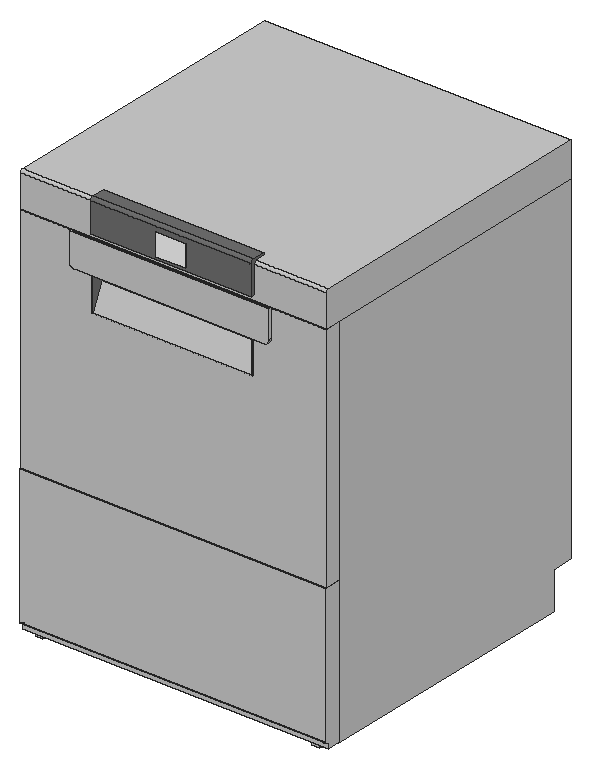
Revit family "QF_COMENDA_6F0093_CAT", category Attrezzature speciali, Revit 2021
Family settings
  Quota connettore circolare = Usa diametro
  Tipo di parte = Normale
  Numero OmniClass = 23.40.40.14
  Titolo OmniClass = Food Service Equipment
  Basato su piano di lavoro = No
  Sempre verticale = Sì
  Taglio con vuoti quando caricato = No
  Condiviso = No
  Punto di calcolo locali = No
Parameters (values of type "6F0091")
  URL catalogo = "https://comenda.fr/pdf/docs/Infinity/Infinity.pdf"
  URL = "www.comenda.fr"
  Tensione = 400 V
  Temperatura raccomandata per acqua calda = 50 °C
  Stand feet kit = no
  Show Logo [instance] = yes
  Show Clearance [instance] = yes
  Protezione contro le sovracorrenti = 16 A
  Prospetto di default = 0 mm
  Profondità = 605 mm
  Pressione minima acqua calda = 2000.0 Pa
  Potenza elettrica = 6550 W
  Peso netto = 62.00 kg
  Numero dei poli = 3
  Modello = "Fi45 R"
  Produttore = "COMENDA"
  Lunghezza = 600 mm
  HEIGHT FROM THE FLOOR = 5 mm
  Frequenza = 50 Hz
  Fase = 3
  Diametro raccordo acqua calda = 3/4"
  Diametro dello scarico diretto di acqua = 1 3/8"
  Descrizione = "MULTIPOWER DOUBLE WALL GLASS WASHER WITH HR DRAIN PUMP, PERISTALTIC DOSERS, RCD AND WATER SOFTENER"
  Corrente di funzionamento normale = 10.2 A
  Assembly Code = ""
  Base stand with door = no
  Altezza dello scarico diretto acqua da pavimento finito = 51 mm
  Altezza da terra raccordo acqua calda = 51 mm
  Altezza allacciamento elettrico da pavimento finito = 38 mm
  Altezza = 820 mm
Reference planes
  plane 1 "Back": y = 0
  plane 2: z = 0
  plane 3 "Left": x = 0
  plane 4 "Right": x = 600
  plane 5 "Front": y = -600
  plane 6 "Top": z = 820
Forms (mm)
  Extrusion 1, solid
    sketch origin (0, 0, 555) x (1, 0, 0) y (0, 1, 0)
      loop
        line (21.3, -49.113) -> (14.1, -61.584) -> (21.3, -74.054) -> (35.7, -74.054) -> (42.9, -61.584) -> (35.7, -49.113) -> (21.3, -49.113)
      loop
        line (563.3, -49.113) -> (556.1, -61.584) -> (563.3, -74.054) -> (577.7, -74.054) -> (584.9, -61.584) -> (577.7, -49.113) -> (563.3, -49.113)
      loop
        line (21.3, -563.113) -> (14.1, -575.584) -> (21.3, -588.054) -> (35.7, -588.054) -> (42.9, -575.584) -> (35.7, -563.113) -> (21.3, -563.113)
      loop
        line (563.3, -563.113) -> (556.1, -575.584) -> (563.3, -588.054) -> (577.7, -588.054) -> (584.9, -575.584) -> (577.7, -563.113) -> (563.3, -563.113)
    from -555 to -548.5
  Extrusion 2, solid
    sketch origin (0, 0, 550) x (1, 0, 0) y (0, 1, 0)
      loop
        circle (28.5, -61.584) r 9
      loop
        circle (570.5, -61.584) r 9
      loop
        circle (28.5, -575.584) r 9
      loop
        circle (570.5, -575.584) r 9
    from -543.5 to -541.3
  Extrusion 3, solid
    sketch origin (0, 0, 449.5) x (0, 1, 0) y (0, 0, 1)
      loop
        arc (-592.594, 366.5) -> (-596.129, 365.036) -> (-597.594, 361.5) r 5
        line (-597.594, 361.5) -> (-597.594, 298.5) -> (0, 298.5) -> (0, 366.5) -> (-592.594, 366.5)
    from 0 to 600
  Extrusion 4, solid
    sketch origin (0, 0, 550) x (0, 1, 0) y (0, 0, 1)
      loop
        line (-568.297, 198) -> (-568.297, -543.5) -> (-42.297, -543.5) -> (-42.297, -469.3) -> (0, -469.3) -> (0, 198) -> (-568.297, 198)
    from 0 to 600
  Extrusion 5, solid
    sketch origin (0, 0, 550) x (0, 1, 0) y (0, 0, 1)
      loop
        line (-568.297, -541.3) -> (-568.297, -259.054) -> (-599.984, -259.054) -> (-599.984, -528.054)
        arc (-599.984, -528.054) -> (-599.281, -529.751) -> (-597.584, -530.454) r 2.4
        line (-597.584, -530.454) -> (-595.384, -530.454)
        arc (-595.384, -530.454) -> (-594.252, -530.922) -> (-593.784, -532.054) r 1.6
        line (-593.784, -532.054) -> (-593.784, -541.3) -> (-568.297, -541.3)
    from 0 to 600
  Extrusion 6, solid
    sketch origin (1000, -568.594, 550) x (1, 0, 0) y (0, 0, 1)
      loop
        line (-1000, 196.042) -> (-1000, -257.058) -> (-400, -257.058) -> (-400, 196.042) -> (-1000, 196.042)
    from 0 to 29
  Extrusion 7, solid, visible <- "Show Clearance", detail levels coarse
    sketch origin (0, -2.39, 542.058) x (0, 1, 0) y (0, 0, 1)
      loop
        arc (-597.594, 204.606) -> (-914.337, 70.145) -> (-1037.624, -251.112) r 440.3
        line (-1037.624, -251.112) -> (-597.594, -251.112) -> (-597.594, 204.606)
    from 0 to 600
  Extrusion 8, solid
    sketch origin (0, -604.473, 762.768) x (0, 0, 1) y (-1, 0, 0)
      loop
        line (-0.768, -270.988) -> (-0.768, -329) -> (42.232, -329) -> (42.232, -270.988) -> (-0.768, -270.988)
    from -2 to 0.5
  Extrusion 9, void
    sketch origin (0, -568.594, 750.792) x (0, 0, 1) y (0, -1, 0)
      loop
        line (-29.792, 29) -> (-136.792, 29) -> (-87.792, 9) -> (-29.792, 9) -> (-29.792, 29)
    from 140 to 454
  Extrusion 10, solid
    sketch origin (454, -568.594, 750.792) x (0, 0, -1) y (0, -1, 0)
      loop
        line (29.792, 29) -> (29.792, 9) -> (87.792, 9) -> (136.792, 29) -> (29.792, 29)
    from 0 to 2
  Extrusion 11, solid
    sketch origin (140, -568.594, 750.792) x (0, 0, 1) y (0, -1, 0)
      loop
        line (-29.792, 29) -> (-136.792, 29) -> (-87.792, 9) -> (-29.792, 9) -> (-29.792, 29)
    from 0 to 2
  Extrusion 12, solid
    sketch origin (0, -599.984, 748.998) x (0, 0, -1) y (-1, 0, 0)
      loop
        line (2.998, -100.009) -> (2.998, -490.988) -> (57.955, -490.988)
        arc (57.955, -490.988) -> (63.647, -488.63) -> (66.004, -482.938) r 8.05
        line (66.004, -482.938) -> (66.004, -110.009)
        arc (66.004, -110.009) -> (63.075, -102.938) -> (56.004, -100.009) r 10
        line (56.004, -100.009) -> (2.998, -100.009)
    from 2.406 to -3.6
  Extrusion 13, solid
    sketch origin (0, -42.297, 8.7) x (0, 0, 1) y (1, 0, 0)
      loop
        circle (29.3, 281) r 20
    from 0 to 20
  Extrusion 14, solid
    sketch origin (0, -42.297, 80.7) x (1, 0, 0) y (0, -1, 0)
      loop
        circle (478, -17.297) r 9.55
      loop
        circle (72, -17.297) r 13.5
    from 0 to 2
  Extrusion 15, solid
    sketch origin (0.488, 0, 551.264) x (0, -1, 0) y (0, 0, 1)
      loop
        line (597.594, 205.58) -> (604.473, 205.58) -> (604.473, 262.736)
        arc (604.473, 262.736) -> (602.716, 266.979) -> (598.473, 268.736) r 6
        line (598.473, 268.736) -> (573.594, 268.736) -> (573.594, 264.736) -> (592.594, 264.736)
        arc (592.594, 264.736) -> (596.129, 263.272) -> (597.594, 259.736) r 5
        line (597.594, 259.736) -> (597.594, 205.58)
    from -142 to -457
Cuts and joins
  Extrusion 9 cuts Extrusion 6
  Extrusion 9 cuts Extrusion 7
Lines and regions (mm)
  symbolic lines, style "200-EquipBorder-2D"
    curve 1: line (0, 0, 0) -> (600, 0, 0)
    curve 2: line (0, -599.984, 0) -> (0, 0, 0)
    curve 3: line (600, -599.984, 0) -> (0, -599.984, 0)
    curve 4: line (600, 0, 0) -> (600, -599.984, 0)
  symbolic lines, style "QF_Door-Drawer Clearances", visible <- "Show Clearance"
    curve 5: line (600, -1040.014, 0) -> (0, -1040.014, 0)
    curve 6: line (0, -599.984, 0) -> (0, -1040.014, 0)
    curve 7: line (600, -1040.014, 0) -> (600, -599.984, 0)
Dimensions and locks
  plane 3 "Left" to plane 4 "Right" = 600 mm
  plane 5 "Front" to plane 1 "Back" = 600 mm
  plane 6 "Top" to level = 820 mm  (x2)
  Extrusion 4 to Extrusion 4 = 741.5 mm
  Extrusion 3 to Extrusion 4 = 68 mm
  Extrusion 1 to Extrusion 4 = 0 mm
  locked: Extrusion 1 to Extrusion 1 at 6.5
  plane 6 "Top" to Extrusion 3 = 4 mm
  Extrusion 5 to level = 8.7 mm
  locked: plane 4 "Right" to plane 3 "Left" at 600
  aligned and locked: level to plane 2
  aligned and locked: Extrusion 2 to Extrusion 1
Connectors
  electrical at (281, -22.297, 38), driven by "Numero dei poli", driven by "Tensione", driven by "Potenza elettrica"
    settings: on Extrusion 13, index 1, voltage 400 V, apparent load 6550 VA, apparent load phase1 0 VA, apparent load phase2 0 VA, apparent load phase3 0 VA, power factor 1, load classification "Altro", number of poles 3, system type 30, power factor state 1, is connector primary yes, connector utility no, sub classification motor no, connector description "QF_ELECTRICAL CONNECTION"
  piping at (478, -25, 78.7), diameter 19.05, driven by "Diametro raccordo acqua calda"
    settings: on Extrusion 14, index 2, connector inside diameter 24", connector length 0 mm, flow factor 0, pipe flow 0.0 L/s, pressure drop 0.0 Pa, fitting loss kfactor 0, connector angle 0.00°, fixture units 0, engagement length 0 mm, angle of deflection 0.00°, flow configuration 0, flow direction 1, fitting loss method 0, system type 19, joint type 0, gender type 0, connector reference index -1, connector utility 0, adjustable connector no, is connector primary yes, connector description "QF_WATER_CONNECTION"
  piping at (72, -25, 78.7), diameter 34.925, driven by "Diametro dello scarico diretto di acqua"
    settings: on Extrusion 14, index 3, connector inside diameter 24", connector length 0 mm, flow factor 0, pipe flow 0.0 L/s, pressure drop 0.0 Pa, fitting loss kfactor 0, connector angle 0.00°, fixture units 0, engagement length 0 mm, angle of deflection 0.00°, flow configuration 0, flow direction 2, fitting loss method 0, system type 19, joint type 0, gender type 0, connector reference index -1, connector utility 0, adjustable connector no, is connector primary no, connector description "QF_DRAIN_CONNECTION"
